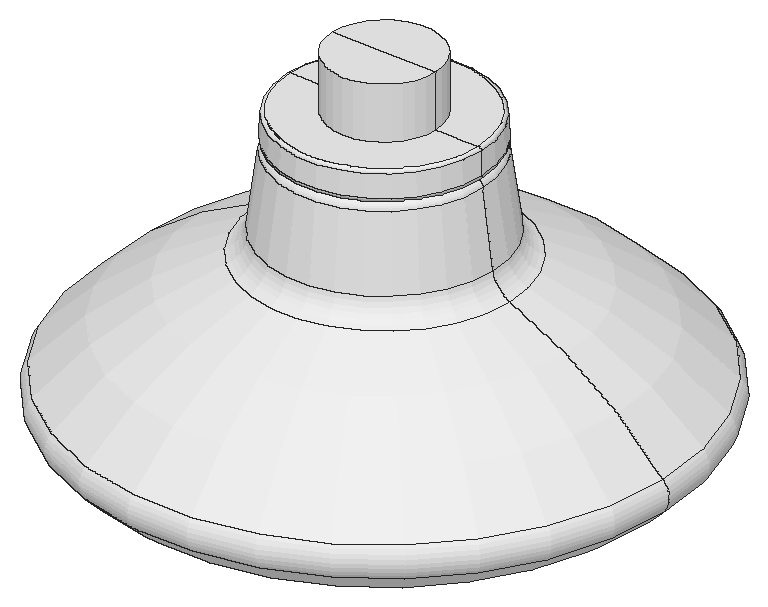
Revit family "Shower_Head-GROHE-Euphoria_110_Mono-27810_Series", category Plumbing Fixtures, Revit 2014
Parameters (values of type "27810001")
  cUPC Compliant = yes
  Width = 4 85/256"  # constant formula
  Waste Connection = no
  Warranty Documentation Link = "https://cdn.cloud.grohe.com/tpi/1000/1900/1940/1949/1949006/original/1949006.pdf"
  WFU = 4
  Vent Connection = no
  URL = "https://www.grohe.us/"
  Tempered Water Connection Radius = 1/4"  # constant formula
  Tempered Water Connection Diameter = Tempered Water Connection Radius * 2  # 1/2"
  Product Page URL = "https://www.grohe.us/en_us/euphoria-110-shower-head-1-spray-27810001.html"
  Price = "Prices may vary. Please consult Manufacturer Representative for most up-to-date price list."  # constant formula
  Model = "27810001"
  Material = "Metal-Grohe-001-Chrome"
  Manufacturer = "GROHE"
  Hot Water Connection Radius = Tempered Water Connection Radius  # 1/4"
  Hot Water Connection Diameter = Hot Water Connection Radius * 2  # 1/2"
  Height = 3 3/16"  # constant formula
  HWFU = 3
  HW Connection = yes
  Flow Rate = "2.0GPM (7.6L/min)"
  Finish = Metal-Grohe-001-Chrome
  Description = "Euphoria 110 Mono"  # constant formula
  Default Elevation = 0"
  Creation Date = "2017/04/21"  # constant formula
  Cold Water Connection Radius = Hot Water Connection Radius  # 1/4"
  Cold Water Connection Diameter = Cold Water Connection Radius * 2  # 1/2"
  CWFU = 3
  CW Connection = yes
  Assembly Code = "D2010700"
Types (3): name | Product Page URL | Model | Material | Finish
  (no name) | "https://www.grohe.us/en_us/euphoria-110-shower-head-1-spray-27810001.html" | "27810001" | "Metal-Grohe-001-Chrome" | Metal-Grohe-001-Chrome
  27810001 | "https://www.grohe.us/en_us/euphoria-110-shower-head-1-spray-27810001.html" | "27810001" | "Metal-Grohe-001-Chrome" | Metal-Grohe-001-Chrome
  27810EN1 | "https://www.grohe.us/en_us/euphoria-110-mono-shower-head-1-spray-27810EN1.html" | "27810EN1" | "Metal-Grohe-EN1-Brushed Nickel" | Metal-Grohe-EN1-Brushed Nickel
Reference planes (in)
  plane 1 "Center (Front/Back)": y = 0
  plane 2: z = 0
  plane 3 "Center (Left/Right)": x = 0
  plane 4: z = -3.1875
  plane 5: x = -2.16602
  plane 6: x = 2.16602
Forms (in)
  Revolve 1, solid, material "Metal-Grohe-001-Chrome" <- "Finish"
    sketch origin (0, 0, 0) x (1, 0, 0) y (0, 0, 1)
      loop
        line (0, 0) -> (-0.39087, 0) -> (-0.39087, -0.39286) -> (-0.71428, -0.39286)
        arc (-0.71428, -0.39286) -> (-0.73108, -0.39964) -> (-0.73846, -0.4162) r 0.02419
        line (-0.73846, -0.4162) -> (-0.74426, -0.58246)
        arc (-0.74426, -0.58246) -> (-0.73697, -0.60145) -> (-0.71825, -0.60939) r 0.02602
        line (-0.71825, -0.60939) -> (-0.68665, -0.60939)
        arc (-0.68665, -0.60939) -> (-0.72881, -0.62516) -> (-0.75029, -0.66472) r 0.06427
        line (-0.75029, -0.66472) -> (-0.82567, -1.20108)
        arc (-0.82567, -1.20108) -> (-0.86831, -1.30081) -> (-0.95542, -1.36542) r 0.20756
        arc (-0.95542, -1.36542) -> (-1.5852, -1.70038) -> (-2.12199, -2.17013) r 3.10719
        arc (-2.12199, -2.17013) -> (-2.16597, -2.28488) -> (-2.12086, -2.39919) r 0.16952
        arc (-2.12086, -2.39919) -> (-2.02061, -2.4955) -> (-1.90977, -2.57941) r 1.18487
        line (-1.90977, -2.57941) -> (-1.85426, -2.57941)
        arc (-1.85426, -2.57941) -> (-1.11761, -2.92033) -> (-0.32289, -3.08557) r 3.5612
        arc (-0.32289, -3.08557) -> (-0.29304, -3.15765) -> (-0.22096, -3.1875) r 0.10193
        line (-0.22096, -3.1875) -> (0, -3.1875) -> (0, 0)
      axis (0, 0) -> (0, -3.1875)
    angle from 0 to 360
Lines and regions (in)
  Masking region 1
    outline origin (0, 0, 0) x (1, 0, 0) y (0, 1, 0)
      loop
        circle (0, 0) r 2.1684
  model lines, style "Default"
    curve 1: line (0, -8.39698, 41.71415) -> (0, -8.39698, 41.7352)
  symbolic lines, detail levels medium+fine
    curve 2: circle (0, 0, 0) r 0.39087 normal (0, 0, 1)
  symbolic lines, detail levels fine
    curve 3: circle (0, 0, 0) r 0.32289 normal (0, 0, 1)
Dimensions and locks (in)
  "Height": level to plane 4
  equal spacing: plane 6, plane 3 "Center (Left/Right)", plane 5
  "Width": plane 6 to plane 5
  aligned and locked: Revolve 1 sketch curve to plane 3 "Center (Left/Right)"
Automatic sketch dimensions
  plane 1 "Center (Front/Back)" to curve 1 = 8.39698"
  level to curve 1 = 41.71415"
  curve 1 to curve 1 = 0.02105"
  Revolve 1 sketch curve to level = 0"
  Revolve 1 sketch curve to plane 4 = 0"
  Revolve 1 sketch curve to plane 3 "Center (Left/Right)" = 0"  (x2)
  Revolve 1 sketch curve to plane 3 "Center (Left/Right)" = 0.22096"
  Revolve 1 sketch curve to Revolve 1 sketch curve = 0.39087"
  Revolve 1 sketch curve to Revolve 1 sketch curve = 0.29578"
  Revolve 1 sketch curve to Revolve 1 sketch curve = 0.02764"
  Revolve 1 sketch curve to Revolve 1 sketch curve = 0.03161"
  Revolve 1 sketch curve to level = 0.4162"
  Revolve 1 sketch curve to Revolve 1 sketch curve = 0.02417"
  Revolve 1 sketch curve to level = 0.58246"
  Revolve 1 sketch curve to Revolve 1 sketch curve = 0.02601"
  Revolve 1 sketch curve to Revolve 1 sketch curve = 0.03204"
  Revolve 1 sketch curve to Revolve 1 sketch curve = 0.07538"
  Revolve 1 sketch curve to Revolve 1 sketch curve = 0.20554"
  Revolve 1 sketch curve to Revolve 1 sketch curve = 0.22007"
  plane 5 to Revolve 1 sketch curve = 0.31176"
  Revolve 1 sketch curve to Revolve 1 sketch curve = 0.05551"
  plane 5 to Revolve 1 sketch curve = 0.16957"
  plane 3 "Center (Left/Right)" to Revolve 1 sketch curve = 0.17912"
  Revolve 1 sketch curve to plane 4 = 1.07057"
  Revolve 1 sketch curve to Revolve 1 sketch curve = 0.10193"
  Revolve 1 sketch curve to Revolve 1 sketch curve = 0.50616"
  Revolve 1 sketch curve to Revolve 1 sketch curve = 0.29537"
  Revolve 1 sketch curve to Revolve 1 sketch curve = 0.68967"
  Revolve 1 sketch curve to Revolve 1 sketch curve = 0.39329"
  Revolve 1 sketch curve to Revolve 1 sketch curve = 0.02889"
  Revolve 1 sketch curve to Revolve 1 sketch curve = 0.0912"
  Revolve 1 sketch curve to Revolve 1 sketch curve = 0.00894"
  Revolve 1 sketch curve to Revolve 1 sketch curve = 0.00084"
  Revolve 1 sketch curve to Revolve 1 sketch curve = 0"  (x2)
  Revolve 1 sketch curve to Revolve 1 sketch curve = 0.63409"
  Revolve 1 sketch curve to Revolve 1 sketch curve = 0.65494"
  plane 1 "Center (Front/Back)" to Masking region 1 sketch curve = 0"
  Masking region 1 sketch curve to plane 3 "Center (Left/Right)" = 0"
  curve 2 to curve 3 = 0"  (x2)
  plane 1 "Center (Front/Back)" to curve 3 = 0"
  curve 3 to plane 3 "Center (Left/Right)" = 0"
  radius of Masking region 1 sketch curve = 2.1684"
  radius of curve 2 = 0.39087"
  radius of curve 3 = 0.32289"
Connectors (in)
  piping at (0, 0, 0), diameter 0.5, driven by "Tempered Water Connection Diameter"
    settings: on Revolve 1, index 1, connector inside diameter 24", connector length 0", flow factor 0, pipe flow 0 GPM, pressure drop 0.00 psi, fitting loss kfactor 0, connector angle 0.00°, fixture units 0, engagement length 0", angle of deflection 0.00°, flow configuration 0, flow direction 1, fitting loss method 0, system type 29, joint type 0, gender type 0, connector reference index -1, connector utility 0, adjustable connector no, is connector primary yes, connector description "1/2\" NPT Supply Inlet"
